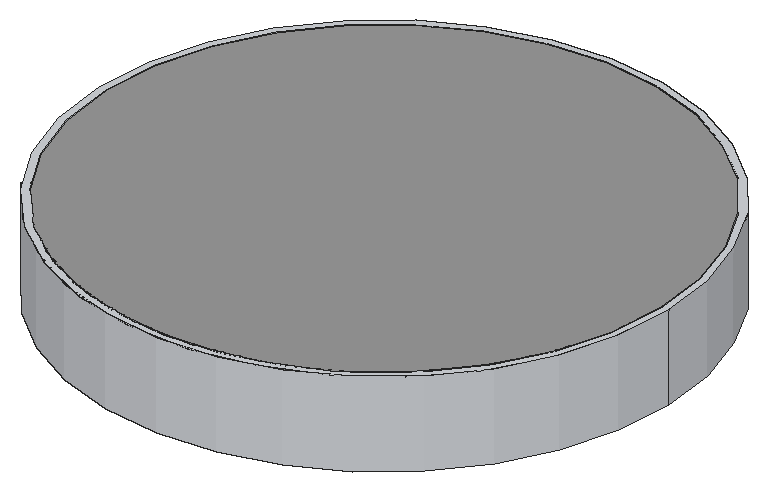
Revit family "2071159", category Lighting Fixtures, host Face, Revit 2018
Family settings
  Host = Face
  Round Connector Dimension = Use Diameter
  Part Type = Normal
  OmniClass Number = 23.80.70.00
  OmniClass Title = Lighting
  Cut with Voids When Loaded = No
  Light Source = Yes
  Shared = No
  Room Calculation Point = No
Parameters (values of type "2071159 COLOSSAL 400 940 PR DIR+H WHT DALI EM")
  iner diameter = 390 mm
  Weight = "n/a"
  Wattage Comments = ""
  Wattage = 30 W
  WarrantyStartDate [instance] = "n/a"
  WarrantyGuarantorParts = "n/a"
  WarrantyDurationUnit = "n/a"
  WarrantyDurationParts = ""
  WarrantyDescription = "http://www.sylvania-lighting.com"
  built-in parameter 1150110 = 1 (stored number, unit not read)
  Voltage = 230 V
  URL = "0.95"
  TypeName = "COLOSSAL 400mm 940 PRISM DIR+HAL WHITE DALI EM"
  Type Image = <None>
  Type Comments = "n/a"
  built-in parameter 1114217 = 1 (stored number, unit not read)
  Tilt Angle = -90.00°
  built-in parameter 1150109 = 1 (stored number, unit not read)
  built-in parameter 1150134 = (empty or 0)
  built-in parameter 1150113 = 1 (stored number, unit not read)
  SerialNumber [instance] = "n/a"
  Photometric Web File = "2071159.ies"
  Material_3_SYL = LED-Sylvania
  PowerFactor = 0
  PowerConsumption = "Lighting"
  NominalLength = 400 mm
  NominalHeight = 93 mm
  NominalDepth = 400 mm
  Name = "COLOSSAL 400mm 940 PRISM DIR+HAL WHITE DALI EM"
  ModelReference = Name  # "COLOSSAL 400mm 940 PRISM DIR+HAL WHITE DALI EM"
  ModelNumber = "2071159"
  Model = Name  # "COLOSSAL 400mm 940 PRISM DIR+HAL WHITE DALI EM"
  Material = "Feilo Sylvania"
  ManufacturerName = "107 lm/W"
  Manufacturer = ""
  LuminousEfficacy = ""
  built-in parameter 1150105 = 270.44 (stored number, unit not read)
  Lumens = 3398.4 lm
  LuminaireType = "0"
  built-in parameter 1150115 = 1 (stored number, unit not read)
  LightOutputRatio = "LED"
  built-in parameter 1150137 = (empty or 0)
  built-in parameter 1150139 = (empty or 0)
  LampsType = Lamp  # "n/a"
  LampNominalLuminous = "4000 K"
  LampMacAdamStep = "90"
  LampColourTemperature = "LED"
  LampColourRenderingIndex = "16500"
  built-in parameter 1150112 = 1 (stored number, unit not read)
  built-in parameter 1150114 = 1 (stored number, unit not read)
  Lamp = "n/a"
  Keynote = "n/a"
  InstallationDate [instance] = "n/a"
  InputVoltage = "0"
  InputNominalFrequency = "4000"
  built-in parameter 1150132 = (empty or 0)
  built-in parameter 1150102 = (empty or 0)
  built-in parameter 1150107 = 3000 (stored number, unit not read)
  built-in parameter 1150138 = (empty or 0)
  IngressProtection = "IfcLightFixtureType"
  ImpactProtectionIndex = "IfcLightFixtureType"
  built-in parameter 1150106 = 2.7044 (stored number, unit not read)
  IfcExportType = "IfcLightFixtureType"
  IfcExportAs = "Class I"
  Emit from Circle Diameter = 385 mm
  Emit Shape Visible in Rendering = no
  ElectricShockClassification = "107"
  built-in parameter 1150104 = 10.524 (stored number, unit not read)
  DocumentationLiterature = "http://www.sylvania-lighting.com/product/en-int/products/2071159"
  DimmingControlOptions = "n/a"
  Material_2_SYL = Polycarbonate_Sylvania_White
  Dimming Lamp Color Temperature Shift = <None>
  Description = "400mm diameter circular architectural luminaire, can be surface mounted or suspended. Powder coated aluminium housing (RAL9016) with PMMA prismatic diffuser. Direct/indirect (halo) light distribution, 1715lm luminuous flux, 16W system power, 107lm/W luminiaire efficacy. DALI dimmable. 3 hours integrated emergency. Colour rendering index Ra >90, 4000K Neutral White LED, chromaticity tolerance of 3-step MacAdam ellipse. IP40, IK03. 350mA drive current. UGR≤19. Electrical protection Class1, 220-240V. Reported lifetime 66k hours L90B10."
  Default Elevation = 1219.2 mm
  CreatedOn = "22/03/2022"
  CreatedBy = "@sylvania-lighting.com"
  Cost = 0
  Color Filter = 16777215
  built-in parameter 1114216 [instance] = (empty or 0)
  ClassificationValue = "EF_70_80"
  ClassificationName = "Uniclass2015"
  Material_1_SYL = Polycarbonate_Sylvania_Opal
  BarCode [instance] = "n/a"
  built-in parameter 1114218 = 1 (stored number, unit not read)
  built-in parameter 1150133 = 10 (stored number, unit not read)
  AssetType = "Fixed"
  AssetIdentifier [instance] = "n/a"
  Assembly Code = "D5020200"
  Apparent Load = 16 VA
  Material_4_SYL = none
Reference planes
  plane 1 "Center (Front/Back)": y = 0
  plane 2: z = 0
  plane 3 "Center (Left/Right)": x = 0
  plane 4: x = -200
  plane 5: x = 200
  plane 6: y = 200
  plane 7: y = -200
  plane 8: y = 236
  plane 9: y = -236
  plane 10: z = 93
  plane 11: y = 195
  plane 12: y = -195
  plane 13: y = 90.5
  plane 14: y = 144.5
  plane 15: through (52.25, 90.5, 1219.2) normal (0.866, 0.5, 0)
  plane 16: through (52.25, 90.5, 1219.2) normal (0.866, 0.5, 0)
  plane 17: through (63.706, 126.657, 1219.2) normal (0.866, 0.5, 0)
  plane 18: through (-104.5, 0, 1219.2) normal (-0.866, 0.5, 0)
  plane 19: through (-142.394, -9.633, 1219.2) normal (-0.866, 0.5, 0)
  plane 20: y = -90.5
  plane 21: y = -118.5
  plane 22: through (85.371, -141.133, 1219.2) normal (-0.866, 0.5, 0)
  plane 23: through (52.25, -90.5, 1219.2) normal (-0.866, 0.5, 0)
  plane 24: through (-161.658, 0, 1219.2) normal (0.866, 0.5, 0)
  plane 25: through (-172.12, 9.121, 1219.2) normal (0.866, 0.5, 0)
  plane 26: through (-104.5, 0, 1219.2) normal (0.866, 0.5, 0)
Forms (mm)
  Extrusion 1, solid, detail levels medium+fine
    sketch origin (0, 0, 0) x (1, 0, 0) y (0, 1, 0)
      loop
        circle (0, 0) r 200
    from 33.023 to 93
  Extrusion 2, void
    sketch origin (0, 0, 0) x (1, 0, 0) y (0, 1, 0)
      loop
        circle (0, 0) r 195
    from 93 to 37.292
  Extrusion 3, solid, material "Glass, White, High Luminance", detail levels fine
    sketch origin (0, 0, 0) x (1, 0, 0) y (0, 1, 0)
      loop
        circle (0, 0) r 195
    from 88.026 to 93
  Extrusion 4, solid, detail levels coarse
    sketch origin (0, 0, 0) x (1, 0, 0) y (0, 1, 0)
      loop
        line (-200, 200) -> (-200, -200) -> (200, -200) -> (200, 200) -> (-200, 200)
    from 0 to 93
  Blend 5, solid, detail levels medium+fine
    base sketch origin (0, 0, 0) x (1, 0, 0) y (0, 1, 0)
      loop
        line (-52.25, 90.5) -> (-104.5, 0) -> (-52.25, -90.5) -> (52.25, -90.5) -> (104.5, 0) -> (52.25, 90.5) -> (-52.25, 90.5)
    top sketch origin (0, 0, 0) x (1, 0, 0) y (0, 1, 0)
      loop
        line (-53.405, 144.5) -> (-149.245, -21.5) -> (-93.242, -118.5) -> (98.438, -118.5) -> (151.843, -26) -> (53.405, 144.5) -> (-53.405, 144.5)
    from 0 to 33.023
Cuts and joins
  Extrusion 2 cuts Extrusion 1
Dimensions and locks
  "NominalDepth": plane 6 to plane 7
  "NominalLength": plane 4 to plane 5
  equal spacing: plane 4, plane 3 "Center (Left/Right)", plane 5
  "iner diameter": plane 11 to plane 12
  equal spacing: plane 11, plane 1 "Center (Front/Back)", plane 12
  equal spacing: plane 6, plane 1 "Center (Front/Back)", plane 7
  "NominalHeight": plane 10 to level
  plane 19 to plane 18 = 28 mm
  radius of Extrusion 2 sketch curve = 195 mm
  aligned and locked: plane 2 to host face
  aligned and locked: level to host face
Automatic sketch dimensions
  host sketch curve to host sketch curve = 2438.4 mm  (x2)
  plane 1 "Center (Front/Back)" to Extrusion 1 sketch curve = 0 mm
  Extrusion 1 sketch curve to plane 3 "Center (Left/Right)" = 0 mm
  plane 1 "Center (Front/Back)" to Extrusion 2 sketch curve = 0 mm
  Extrusion 2 sketch curve to plane 3 "Center (Left/Right)" = 0 mm
  plane 1 "Center (Front/Back)" to Extrusion 3 sketch curve = 0 mm
  Extrusion 3 sketch curve to plane 3 "Center (Left/Right)" = 0 mm
  Extrusion 4 sketch curve to plane 4 = 0 mm
  Extrusion 4 sketch curve to plane 5 = 0 mm
  Extrusion 4 sketch curve to plane 7 = 0 mm
  Extrusion 4 sketch curve to plane 6 = 0 mm
  Blend 5 sketch curve to plane 19 = 0 mm  (x2)
  Blend 5 sketch curve to plane 24 = 0 mm  (x2)
  Blend 5 sketch curve to plane 21 = 0 mm
  Blend 5 sketch curve to plane 14 = 0 mm
  Blend 5 sketch curve to plane 17 = 0 mm  (x2)
  Blend 5 sketch curve to plane 22 = 0 mm  (x2)
  radius of Extrusion 1 sketch curve = 200 mm
  radius of Extrusion 3 sketch curve = 195 mm
Connectors
  electrical at (0, 0, 0), driven by "Apparent Load", driven by "PowerFactor", driven by "Voltage"
    settings: index 1, voltage 230 V, apparent load 16 VA, apparent load phase1 0 VA, apparent load phase2 0 VA, apparent load phase3 0 VA, power factor 0, load classification "Lighting", number of poles 1, system type 30, power factor state 1, is connector primary yes, connector utility no, sub classification motor no, connector description ""
